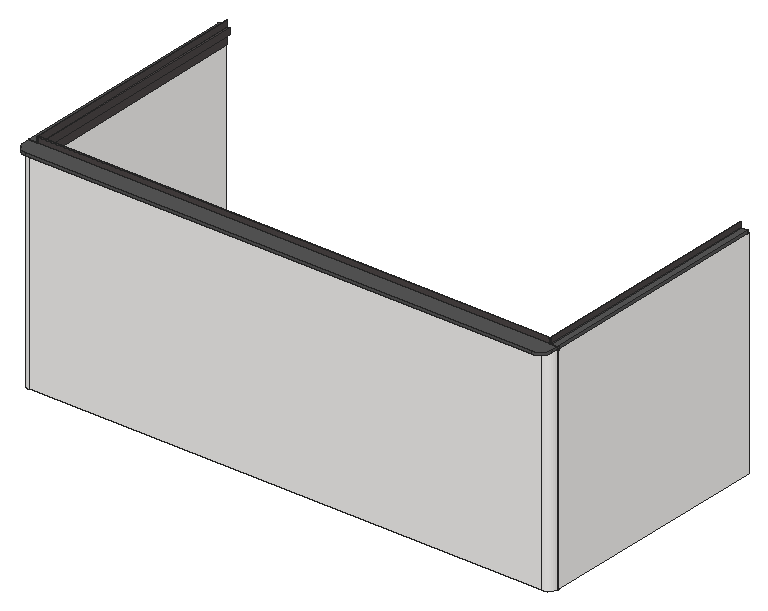
Revit family "vanity unit with 1 drawers for consoles with countertop basin ground", category Furniture, Revit 2019 (continued)
Definition of nested family "vanity unit 780_550 with 1 drawer for consoles with countertop basin ground-54054700-high gloss white-matt_white-400_con"
  Forms (mm)
    Extrusion 4, solid, visible <- "ContentVisible", detail levels medium+fine
      sketch origin (0, 0, 0) x (1, 0, 0) y (0, 1, 0)
        loop
          line (-374, -117) -> (-374, -133) -> (374, -133) -> (374, -117) -> (-374, -117)
      from 0 to 126
    Extrusion 5, solid, visible <- "ContentVisible", detail levels medium+fine
      sketch origin (0, 0, 2) x (1, 0, 0) y (0, 1, 0)
        loop
          arc (-390, -532) -> (-384.435, -545.435) -> (-371, -551) r 19
          line (-371, -551) -> (371, -551)
          arc (371, -551) -> (384.435, -545.435) -> (390, -532) r 19
          line (390, -532) -> (390, -530) -> (-390, -530) -> (-390, -532)
      from 0 to 478
    Extrusion 6, solid, visible <- "ContentVisible", detail levels medium+fine
      sketch origin (0, 0, 480) x (1, 0, 0) y (0, 1, 0)
        loop
          line (-388.5, -530) -> (-388.5, -546)
          arc (-388.5, -546) -> (-381.178, -563.678) -> (-363.5, -571) r 25
          line (-363.5, -571) -> (363.5, -571)
          arc (363.5, -571) -> (381.178, -563.678) -> (388.5, -546) r 25
          line (388.5, -546) -> (388.5, -530) -> (368.5, -530) -> (368.5, -528.5) -> (-368.5, -528.5) -> (-368.5, -530) -> (-388.5, -530)
      from 0 to 5
    Extrusion 7, solid, visible <- "ContentVisible", detail levels medium+fine
      sketch origin (0, 0, 0) x (0, 0, -1) y (0, 1, 0)
        loop
          line (-480, -528.5) -> (-480, -530) -> (-450, -530) -> (-450, -528.5) -> (-480, -528.5)
      from -368.5 to 368.5
    Extrusion 8, solid, visible <- "ContentVisible", detail levels medium+fine
      sketch origin (0, 0, 0) x (1, 0, 0) y (0, 0, -1)
        loop
          line (-374, -447) -> (-374, -485) -> (-372.5, -485) -> (-372.5, -447) -> (-374, -447)
      from -530 to 0
    Extrusion 9, solid, visible <- "ContentVisible", detail levels medium+fine
      sketch origin (0, 0, 0) x (1, 0, 0) y (0, 0, -1)
        loop
          line (372.5, -446.8) -> (372.5, -485) -> (374, -485) -> (374, -446.8) -> (372.5, -446.8)
      from -530 to 0
    Extrusion 10, solid, visible <- "ContentVisible", detail levels medium+fine
      sketch origin (0, 0, 480) x (1, 0, 0) y (0, 1, 0)
        loop
          line (-390, -3) -> (-390, -527)
          arc (-390, -527) -> (-389.121, -529.121) -> (-387, -530) r 3
          line (-387, -530) -> (-374, -530) -> (-374, 0) -> (-387, 0)
          arc (-387, 0) -> (-389.121, -0.879) -> (-390, -3) r 3
      from 0 to 5
    Extrusion 11, solid, visible <- "ContentVisible", detail levels medium+fine
      sketch origin (0, 0, 480) x (1, 0, 0) y (0, 1, 0)
        loop
          line (374, 0) -> (374, -530) -> (387, -530)
          arc (387, -530) -> (389.121, -529.121) -> (390, -527) r 3
          line (390, -527) -> (390, -3)
          arc (390, -3) -> (389.121, -0.879) -> (387, 0) r 3
          line (387, 0) -> (374, 0)
      from 0 to 5
    Extrusion 12, solid, visible <- "ContentVisible", detail levels medium+fine
      sketch origin (0, 0, 0) x (1, 0, 0) y (0, 0, -1)
        loop
          line (-372.5, -447) -> (-372.5, -496) -> (-371, -496) -> (-371, -483) -> (-366.4, -483) -> (-366.4, -468.5) -> (-371, -468.5) -> (-371, -447) -> (-372.5, -447)
      from -528.5 to 0
    Extrusion 13, solid, visible <- "ContentVisible", detail levels medium+fine
      sketch origin (0, 0, 0) x (1, 0, 0) y (0, 0, -1)
        loop
          line (366.4, -468.5) -> (366.4, -483) -> (371, -483) -> (371, -496) -> (372.5, -496) -> (372.5, -447) -> (371, -447) -> (371, -468.5) -> (366.4, -468.5)
      from -528.5 to 0
    Extrusion 14, solid, visible <- "ContentVisible", detail levels medium+fine
      sketch origin (0, 0, 0) x (0, 0, -1) y (0, 1, 0)
        loop
          line (-496, -528.5) -> (-447, -528.5) -> (-447, -527) -> (-468.5, -527) -> (-468.5, -522.4) -> (-483, -522.4) -> (-483, -527) -> (-496, -527) -> (-496, -528.5)
      from -372.5 to 372.5
    Extrusion 15, solid, visible <- "ContentVisible", detail levels medium+fine
      sketch origin (0, 0, 0) x (0, 0, -1) y (0, 1, 0)
        loop
          line (-440, -477) -> (-440, -493) -> (-366, -493) -> (-366, -477) -> (-440, -477)
      from -374 to 374
    Extrusion 16, solid, visible <- "ContentVisible", detail levels coarse
      sketch origin (0, -285.5, 0) x (1, 0, 0) y (0, 1, 0)
        loop
          line (-390, -285.5) -> (390, -285.5) -> (390, 285.5) -> (-390, 285.5) -> (-390, -285.5)
      from 0 to 496
  Dimensions and locks
    aligned and locked: level to plane 2
Definition of nested family "vanity unit 780_550 with 1 drawer for consoles with countertop basin ground-54055000-diamond matt grey-chrome-200_conten"
  Parameters (values of type "Vanity unit 780_550 with 1 drawer for consoles with countertop basin ground-54055000-Diamond Matt Grey-CHROME-200_Conten")
    etim7_EC011381 = "EC011381"
    WEIGHT = "25.7"
    UNSPSC = "56 | Furniture and Furnishings"
    UNIFORMATII = "E2010 | Fixed Furnishings"
    UNICLASS_2015_CODE = "40_30_78_05"
    UNICLASS2015 = "Pr_40_30_78_05 | Bathroom furniture"
    SURFACE = "CHROME"
    REGIONSET = "Worldwide"
    PRODUCTURL = "https://pro.hansgrohe.com/articledetail--54055000"
    PRODUCTGROUP = "vanity unit"
    PRODUCTFAMILY = "Xelu Q"
    PERMALINK = "54055XXX"
    OMNICLASS = "23-21 19 15 33 13 | Residential Bathroom Specialty Casework"
    OBJECTTYPE = "Object (single object)"
    OBERFLAECHE = "Diamond Matt Grey"
    NN = "Vanity Unit with 1 Drawers for consoles with countertop basin ground"
    NBSYN = "$BASENUMBER.-$ARTNR.-$OBERFLAECHE.-$SURFACE.-$LODLEVEL."
    NB = "Vanity unit 780/550 with 1 drawer for consoles with countertop basin ground-54055000-Diamond Matt Grey-CHROME-200"
    NAME = "Xelu Q Vanity unit Diamond Matt Grey 780/550 with 1 drawer for consoles with countertop basin ground"
    Model = "Vanity unit 780/550 with 1 drawer for consoles with countertop basin ground-54055000-Diamond Matt Grey-CHROME-200"
    Manufacturer = "Hansgrohe"
    MASTERFORMAT = "12 35 30.23 | Bathroom Casework"
    LODLEVEL = "200"
    LINA = "Vanity unit 780/550 with 1 drawer for consoles with countertop basin ground-54055000-Diamond Matt Grey-CHROME-200"
    L = 780
    IFC = "Furnishing element"
    GTINCODE = "4059625455906"
    ETIM = "EC011381 | Bathroom furniture set"
    Default Elevation = 1219.2 mm
    DESIGN = "Germany"
    ContentVisible [instance] = yes
    CATALOG = "Hansgrohe"
    BIMOBJECT = "Sanitary: Compound units"
    BASENUMBER = "Vanity unit 780/550 with 1 drawer for consoles with countertop basin ground"
    ARTNR = "54055000"
  Reference planes
    plane 1 "Center (Front/Back)": y = 0
    plane 2: z = 0
    plane 3 "Center (Left/Right)": x = 0
  Forms (mm)
    Extrusion 1, solid, visible <- "ContentVisible", detail levels medium+fine
      sketch origin (0, 0, 0) x (1, 0, 0) y (0, 1, 0)
        loop
          line (-390, 0) -> (-390, -551) -> (390, -551) -> (390, 0) -> (374, 0) -> (374, -117) -> (-374, -117) -> (-374, 0) -> (-390, 0)
      from 0 to 480
    Extrusion 2, solid, visible <- "ContentVisible", detail levels medium+fine
      sketch origin (0, 0, 480) x (1, 0, 0) y (0, 1, 0)
        loop
          line (-388.5, -528.5) -> (-388.5, -571) -> (388.5, -571) -> (388.5, -528.5) -> (-388.5, -528.5)
      from 0 to 5
    Extrusion 3, solid, visible <- "ContentVisible", detail levels medium+fine
      sketch origin (0, 0, 0) x (1, 0, 0) y (0, 0, -1)
        loop
          line (-374, -447) -> (-374, -485) -> (-372.5, -485) -> (-372.5, -447) -> (-374, -447)
      from -530 to 0
    Extrusion 4, solid, visible <- "ContentVisible", detail levels medium+fine
      sketch origin (0, 0, 0) x (1, 0, 0) y (0, 0, -1)
        loop
          line (372.5, -446.8) -> (372.5, -485) -> (374, -485) -> (374, -446.8) -> (372.5, -446.8)
      from -530 to 0
    Extrusion 5, solid, visible <- "ContentVisible", detail levels medium+fine
      sketch origin (0, 0, 480) x (1, 0, 0) y (0, 1, 0)
        loop
          line (-390, 0) -> (-390, -530) -> (-374, -530) -> (-374, 0) -> (-390, 0)
      from 0 to 5
    Extrusion 6, solid, visible <- "ContentVisible", detail levels medium+fine
      sketch origin (0, 0, 480) x (1, 0, 0) y (0, 1, 0)
        loop
          line (374, 0) -> (374, -530) -> (390, -530) -> (390, 0) -> (374, 0)
      from 0 to 5
    Extrusion 7, solid, visible <- "ContentVisible", detail levels medium+fine
      sketch origin (0, 0, 0) x (1, 0, 0) y (0, 0, -1)
        loop
          line (-372.5, -447) -> (-372.5, -496) -> (-366.4, -496) -> (-366.4, -447) -> (-372.5, -447)
      from -528.5 to 0
    Extrusion 8, solid, visible <- "ContentVisible", detail levels medium+fine
      sketch origin (0, 0, 0) x (1, 0, 0) y (0, 0, -1)
        loop
          line (366.4, -447) -> (366.4, -496) -> (372.5, -496) -> (372.5, -447) -> (366.4, -447)
      from -528.5 to 0
    Extrusion 9, solid, visible <- "ContentVisible", detail levels medium+fine
      sketch origin (0, 0, 0) x (0, 0, -1) y (0, 1, 0)
        loop
          line (-496, -528.5) -> (-447, -528.5) -> (-447, -522.4) -> (-496, -522.4) -> (-496, -528.5)
      from -372.5 to 372.5
    Extrusion 10, solid, visible <- "ContentVisible", detail levels coarse
      sketch origin (0, -285.5, 0) x (1, 0, 0) y (0, 1, 0)
        loop
          line (-390, -285.5) -> (390, -285.5) -> (390, 285.5) -> (-390, 285.5) -> (-390, -285.5)
      from 0 to 496
  Dimensions and locks
    aligned and locked: level to plane 2
Definition of nested family "vanity unit 780_550 with 1 drawer for consoles with countertop basin ground-54055000-diamond matt grey-chrome-400_conten"
  Parameters (values of type "Vanity unit 780_550 with 1 drawer for consoles with countertop basin ground-54055000-Diamond Matt Grey-CHROME-400_Conten")
    etim7_EC011381 = "EC011381"
    WEIGHT = "25.7"
    UNSPSC = "56 | Furniture and Furnishings"
    UNIFORMATII = "E2010 | Fixed Furnishings"
    UNICLASS_2015_CODE = "40_30_78_05"
    UNICLASS2015 = "Pr_40_30_78_05 | Bathroom furniture"
    SURFACE = "CHROME"
    REGIONSET = "Worldwide"
    PRODUCTURL = "https://pro.hansgrohe.com/articledetail--54055000"
    PRODUCTGROUP = "vanity unit"
    PRODUCTFAMILY = "Xelu Q"
    PERMALINK = "54055XXX"
    OMNICLASS = "23-21 19 15 33 13 | Residential Bathroom Specialty Casework"
    OBJECTTYPE = "Object (single object)"
    OBERFLAECHE = "Diamond Matt Grey"
    NN = "Vanity Unit with 1 Drawers for consoles with countertop basin ground"
    NBSYN = "$BASENUMBER.-$ARTNR.-$OBERFLAECHE.-$SURFACE.-$LODLEVEL."
    NB = "Vanity unit 780/550 with 1 drawer for consoles with countertop basin ground-54055000-Diamond Matt Grey-CHROME-400"
    NAME = "Xelu Q Vanity unit Diamond Matt Grey 780/550 with 1 drawer for consoles with countertop basin ground"
    Model = "Vanity unit 780/550 with 1 drawer for consoles with countertop basin ground-54055000-Diamond Matt Grey-CHROME-400"
    Manufacturer = "Hansgrohe"
    MASTERFORMAT = "12 35 30.23 | Bathroom Casework"
    LODLEVEL = "400"
    LINA = "Vanity unit 780/550 with 1 drawer for consoles with countertop basin ground-54055000-Diamond Matt Grey-CHROME-400"
    L = 780
    IFC = "Furnishing element"
    GTINCODE = "4059625455906"
    ETIM = "EC011381 | Bathroom furniture set"
    Default Elevation = 1219.2 mm
    DESIGN = "Germany"
    ContentVisible [instance] = yes
    CATALOG = "Hansgrohe"
    BIMOBJECT = "Sanitary: Compound units"
    BASENUMBER = "Vanity unit 780/550 with 1 drawer for consoles with countertop basin ground"
    ARTNR = "54055000"
  Reference planes
    plane 1 "Center (Front/Back)": y = 0
    plane 2: z = 0
    plane 3 "Center (Left/Right)": x = 0
  Forms (mm)
    Extrusion 1, solid, visible <- "ContentVisible", detail levels medium+fine
      sketch origin (0, 0, 0) x (1, 0, 0) y (0, 1, 0)
        loop
          line (-390, 0) -> (-390, -527)
          arc (-390, -527) -> (-389.121, -529.121) -> (-387, -530) r 3
          line (-387, -530) -> (-374, -530) -> (-374, 0) -> (-390, 0)
      from 0 to 480
    Extrusion 2, solid, visible <- "ContentVisible", detail levels medium+fine
      sketch origin (0, 0, 0) x (1, 0, 0) y (0, 1, 0)
        loop
          line (-374, -133) -> (-374, -499.5) -> (374, -499.5) -> (374, -133) -> (-374, -133)
      from 0 to 16
    Extrusion 3, solid, visible <- "ContentVisible", detail levels medium+fine
      sketch origin (0, 0, 0) x (1, 0, 0) y (0, 1, 0)
        loop
          line (374, 0) -> (374, -530) -> (387, -530)
          arc (387, -530) -> (389.121, -529.121) -> (390, -527) r 3
          line (390, -527) -> (390, 0) -> (374, 0)
      from 0 to 480
    Extrusion 4, solid, visible <- "ContentVisible", detail levels medium+fine
      sketch origin (0, 0, 0) x (1, 0, 0) y (0, 1, 0)
        loop
          line (-374, -117) -> (-374, -133) -> (374, -133) -> (374, -117) -> (-374, -117)
      from 0 to 126
    Extrusion 5, solid, visible <- "ContentVisible", detail levels medium+fine
      sketch origin (0, 0, 2) x (1, 0, 0) y (0, 1, 0)
        loop
          arc (-390, -532) -> (-384.435, -545.435) -> (-371, -551) r 19
          line (-371, -551) -> (371, -551)
          arc (371, -551) -> (384.435, -545.435) -> (390, -532) r 19
          line (390, -532) -> (390, -530) -> (-390, -530) -> (-390, -532)
      from 0 to 478
    Extrusion 6, solid, visible <- "ContentVisible", detail levels medium+fine
      sketch origin (0, 0, 480) x (1, 0, 0) y (0, 1, 0)
        loop
          line (-388.5, -530) -> (-388.5, -546)
          arc (-388.5, -546) -> (-381.178, -563.678) -> (-363.5, -571) r 25
          line (-363.5, -571) -> (363.5, -571)
          arc (363.5, -571) -> (381.178, -563.678) -> (388.5, -546) r 25
          line (388.5, -546) -> (388.5, -530) -> (368.5, -530) -> (368.5, -528.5) -> (-368.5, -528.5) -> (-368.5, -530) -> (-388.5, -530)
      from 0 to 5
    Extrusion 7, solid, visible <- "ContentVisible", detail levels medium+fine
      sketch origin (0, 0, 0) x (0, 0, -1) y (0, 1, 0)
        loop
          line (-480, -528.5) -> (-480, -530) -> (-450, -530) -> (-450, -528.5) -> (-480, -528.5)
      from -368.5 to 368.5
    Extrusion 8, solid, visible <- "ContentVisible", detail levels medium+fine
      sketch origin (0, 0, 0) x (1, 0, 0) y (0, 0, -1)
        loop
          line (-374, -447) -> (-374, -485) -> (-372.5, -485) -> (-372.5, -447) -> (-374, -447)
      from -530 to 0
    Extrusion 9, solid, visible <- "ContentVisible", detail levels medium+fine
      sketch origin (0, 0, 0) x (1, 0, 0) y (0, 0, -1)
        loop
          line (372.5, -446.8) -> (372.5, -485) -> (374, -485) -> (374, -446.8) -> (372.5, -446.8)
      from -530 to 0
    Extrusion 10, solid, visible <- "ContentVisible", detail levels medium+fine
      sketch origin (0, 0, 480) x (1, 0, 0) y (0, 1, 0)
        loop
          line (-390, -3) -> (-390, -527)
          arc (-390, -527) -> (-389.121, -529.121) -> (-387, -530) r 3
          line (-387, -530) -> (-374, -530) -> (-374, 0) -> (-387, 0)
          arc (-387, 0) -> (-389.121, -0.879) -> (-390, -3) r 3
      from 0 to 5
    Extrusion 11, solid, visible <- "ContentVisible", detail levels medium+fine
      sketch origin (0, 0, 480) x (1, 0, 0) y (0, 1, 0)
        loop
          line (374, 0) -> (374, -530) -> (387, -530)
          arc (387, -530) -> (389.121, -529.121) -> (390, -527) r 3
          line (390, -527) -> (390, -3)
          arc (390, -3) -> (389.121, -0.879) -> (387, 0) r 3
          line (387, 0) -> (374, 0)
      from 0 to 5
    Extrusion 12, solid, visible <- "ContentVisible", detail levels medium+fine
      sketch origin (0, 0, 0) x (1, 0, 0) y (0, 0, -1)
        loop
          line (-372.5, -447) -> (-372.5, -496) -> (-371, -496) -> (-371, -483) -> (-366.4, -483) -> (-366.4, -468.5) -> (-371, -468.5) -> (-371, -447) -> (-372.5, -447)
      from -528.5 to 0
    Extrusion 13, solid, visible <- "ContentVisible", detail levels medium+fine
      sketch origin (0, 0, 0) x (1, 0, 0) y (0, 0, -1)
        loop
          line (366.4, -468.5) -> (366.4, -483) -> (371, -483) -> (371, -496) -> (372.5, -496) -> (372.5, -447) -> (371, -447) -> (371, -468.5) -> (366.4, -468.5)
      from -528.5 to 0
    Extrusion 14, solid, visible <- "ContentVisible", detail levels medium+fine
      sketch origin (0, 0, 0) x (0, 0, -1) y (0, 1, 0)
        loop
          line (-496, -528.5) -> (-447, -528.5) -> (-447, -527) -> (-468.5, -527) -> (-468.5, -522.4) -> (-483, -522.4) -> (-483, -527) -> (-496, -527) -> (-496, -528.5)
      from -372.5 to 372.5
    Extrusion 15, solid, visible <- "ContentVisible", detail levels medium+fine
      sketch origin (0, 0, 0) x (0, 0, -1) y (0, 1, 0)
        loop
          line (-440, -477) -> (-440, -493) -> (-366, -493) -> (-366, -477) -> (-440, -477)
      from -374 to 374
    Extrusion 16, solid, visible <- "ContentVisible", detail levels coarse
      sketch origin (0, -285.5, 0) x (1, 0, 0) y (0, 1, 0)
        loop
          line (-390, -285.5) -> (390, -285.5) -> (390, 285.5) -> (-390, 285.5) -> (-390, -285.5)
      from 0 to 496
  Dimensions and locks
    aligned and locked: level to plane 2
Definition of nested family "vanity unit 780_550 with 1 drawer for consoles with countertop basin ground-54055670-diamond matt grey-matt_black-200_co"
  Parameters (values of type "Vanity unit 780_550 with 1 drawer for consoles with countertop basin ground-54055670-Diamond Matt Grey-MATT_BLACK-200_Co")
    etim7_EC011381 = "EC011381"
    WEIGHT = "25.7"
    UNSPSC = "56 | Furniture and Furnishings"
    UNIFORMATII = "E2010 | Fixed Furnishings"
    UNICLASS_2015_CODE = "40_30_78_05"
    UNICLASS2015 = "Pr_40_30_78_05 | Bathroom furniture"
    SURFACE = "MATT_BLACK"
    REGIONSET = "Worldwide"
    PRODUCTURL = "https://pro.hansgrohe.com/articledetail--54055000"
    PRODUCTGROUP = "vanity unit"
    PRODUCTFAMILY = "Xelu Q"
    PERMALINK = "54055XXX"
    OMNICLASS = "23-21 19 15 33 13 | Residential Bathroom Specialty Casework"
    OBJECTTYPE = "Object (single object)"
    OBERFLAECHE = "Diamond Matt Grey"
    NN = "Vanity Unit with 1 Drawers for consoles with countertop basin ground"
    NBSYN = "$BASENUMBER.-$ARTNR.-$OBERFLAECHE.-$SURFACE.-$LODLEVEL."
    NB = "Vanity unit 780/550 with 1 drawer for consoles with countertop basin ground-54055670-Diamond Matt Grey-MATT_BLACK-200"
    NAME = "Xelu Q Vanity unit Diamond Matt Grey 780/550 with 1 drawer for consoles with countertop basin ground"
    Model = "Vanity unit 780/550 with 1 drawer for consoles with countertop basin ground-54055670-Diamond Matt Grey-MATT_BLACK-200"
    Manufacturer = "Hansgrohe"
    MASTERFORMAT = "12 35 30.23 | Bathroom Casework"
    LODLEVEL = "200"
    LINA = "Vanity unit 780/550 with 1 drawer for consoles with countertop basin ground-54055670-Diamond Matt Grey-MATT_BLACK-200"
    L = 780
    IFC = "Furnishing element"
    GTINCODE = "4059625455906"
    ETIM = "EC011381 | Bathroom furniture set"
    Default Elevation = 1219.2 mm
    DESIGN = "Germany"
    ContentVisible [instance] = yes
    CATALOG = "Hansgrohe"
    BIMOBJECT = "Sanitary: Compound units"
    BASENUMBER = "Vanity unit 780/550 with 1 drawer for consoles with countertop basin ground"
    ARTNR = "54055670"
  Reference planes
    plane 1 "Center (Front/Back)": y = 0
    plane 2: z = 0
    plane 3 "Center (Left/Right)": x = 0
  Forms (mm)
    Extrusion 1, solid, visible <- "ContentVisible", detail levels medium+fine
      sketch origin (0, 0, 0) x (1, 0, 0) y (0, 1, 0)
        loop
          line (-390, 0) -> (-390, -551) -> (390, -551) -> (390, 0) -> (374, 0) -> (374, -117) -> (-374, -117) -> (-374, 0) -> (-390, 0)
      from 0 to 480
    Extrusion 2, solid, visible <- "ContentVisible", detail levels medium+fine
      sketch origin (0, 0, 480) x (1, 0, 0) y (0, 1, 0)
        loop
          line (-388.5, -528.5) -> (-388.5, -571) -> (388.5, -571) -> (388.5, -528.5) -> (-388.5, -528.5)
      from 0 to 5
    Extrusion 3, solid, visible <- "ContentVisible", detail levels medium+fine
      sketch origin (0, 0, 0) x (1, 0, 0) y (0, 0, -1)
        loop
          line (-374, -447) -> (-374, -485) -> (-372.5, -485) -> (-372.5, -447) -> (-374, -447)
      from -530 to 0
    Extrusion 4, solid, visible <- "ContentVisible", detail levels medium+fine
      sketch origin (0, 0, 0) x (1, 0, 0) y (0, 0, -1)
        loop
          line (372.5, -446.8) -> (372.5, -485) -> (374, -485) -> (374, -446.8) -> (372.5, -446.8)
      from -530 to 0
    Extrusion 5, solid, visible <- "ContentVisible", detail levels medium+fine
      sketch origin (0, 0, 480) x (1, 0, 0) y (0, 1, 0)
        loop
          line (-390, 0) -> (-390, -530) -> (-374, -530) -> (-374, 0) -> (-390, 0)
      from 0 to 5
    Extrusion 6, solid, visible <- "ContentVisible", detail levels medium+fine
      sketch origin (0, 0, 480) x (1, 0, 0) y (0, 1, 0)
        loop
          line (374, 0) -> (374, -530) -> (390, -530) -> (390, 0) -> (374, 0)
      from 0 to 5
    Extrusion 7, solid, visible <- "ContentVisible", detail levels medium+fine
      sketch origin (0, 0, 0) x (1, 0, 0) y (0, 0, -1)
        loop
          line (-372.5, -447) -> (-372.5, -496) -> (-366.4, -496) -> (-366.4, -447) -> (-372.5, -447)
      from -528.5 to 0
    Extrusion 8, solid, visible <- "ContentVisible", detail levels medium+fine
      sketch origin (0, 0, 0) x (1, 0, 0) y (0, 0, -1)
        loop
          line (366.4, -447) -> (366.4, -496) -> (372.5, -496) -> (372.5, -447) -> (366.4, -447)
      from -528.5 to 0
    Extrusion 9, solid, visible <- "ContentVisible", detail levels medium+fine
      sketch origin (0, 0, 0) x (0, 0, -1) y (0, 1, 0)
        loop
          line (-496, -528.5) -> (-447, -528.5) -> (-447, -522.4) -> (-496, -522.4) -> (-496, -528.5)
      from -372.5 to 372.5
    Extrusion 10, solid, visible <- "ContentVisible", detail levels coarse
      sketch origin (0, -285.5, 0) x (1, 0, 0) y (0, 1, 0)
        loop
          line (-390, -285.5) -> (390, -285.5) -> (390, 285.5) -> (-390, 285.5) -> (-390, -285.5)
      from 0 to 496
  Dimensions and locks
    aligned and locked: level to plane 2
Definition of nested family "vanity unit 780_550 with 1 drawer for consoles with countertop basin ground-54055670-diamond matt grey-matt_black-400_co"
  Parameters (values of type "Vanity unit 780_550 with 1 drawer for consoles with countertop basin ground-54055670-Diamond Matt Grey-MATT_BLACK-400_Co")
    etim7_EC011381 = "EC011381"
    WEIGHT = "25.7"
    UNSPSC = "56 | Furniture and Furnishings"
    UNIFORMATII = "E2010 | Fixed Furnishings"
    UNICLASS_2015_CODE = "40_30_78_05"
    UNICLASS2015 = "Pr_40_30_78_05 | Bathroom furniture"
    SURFACE = "MATT_BLACK"
    REGIONSET = "Worldwide"
    PRODUCTURL = "https://pro.hansgrohe.com/articledetail--54055000"
    PRODUCTGROUP = "vanity unit"
    PRODUCTFAMILY = "Xelu Q"
    PERMALINK = "54055XXX"
    OMNICLASS = "23-21 19 15 33 13 | Residential Bathroom Specialty Casework"
    OBJECTTYPE = "Object (single object)"
    OBERFLAECHE = "Diamond Matt Grey"
    NN = "Vanity Unit with 1 Drawers for consoles with countertop basin ground"
    NBSYN = "$BASENUMBER.-$ARTNR.-$OBERFLAECHE.-$SURFACE.-$LODLEVEL."
    NB = "Vanity unit 780/550 with 1 drawer for consoles with countertop basin ground-54055670-Diamond Matt Grey-MATT_BLACK-400"
    NAME = "Xelu Q Vanity unit Diamond Matt Grey 780/550 with 1 drawer for consoles with countertop basin ground"
    Model = "Vanity unit 780/550 with 1 drawer for consoles with countertop basin ground-54055670-Diamond Matt Grey-MATT_BLACK-400"
    Manufacturer = "Hansgrohe"
    MASTERFORMAT = "12 35 30.23 | Bathroom Casework"
    LODLEVEL = "400"
    LINA = "Vanity unit 780/550 with 1 drawer for consoles with countertop basin ground-54055670-Diamond Matt Grey-MATT_BLACK-400"
    L = 780
    IFC = "Furnishing element"
    GTINCODE = "4059625455906"
    ETIM = "EC011381 | Bathroom furniture set"
    Default Elevation = 1219.2 mm
    DESIGN = "Germany"
    ContentVisible [instance] = yes
    CATALOG = "Hansgrohe"
    BIMOBJECT = "Sanitary: Compound units"
    BASENUMBER = "Vanity unit 780/550 with 1 drawer for consoles with countertop basin ground"
    ARTNR = "54055670"
  Reference planes
    plane 1 "Center (Front/Back)": y = 0
    plane 2: z = 0
    plane 3 "Center (Left/Right)": x = 0
  Forms (mm)
    Extrusion 1, solid, visible <- "ContentVisible", detail levels medium+fine
      sketch origin (0, 0, 0) x (1, 0, 0) y (0, 1, 0)
        loop
          line (-390, 0) -> (-390, -527)
          arc (-390, -527) -> (-389.121, -529.121) -> (-387, -530) r 3
          line (-387, -530) -> (-374, -530) -> (-374, 0) -> (-390, 0)
      from 0 to 480
    Extrusion 2, solid, visible <- "ContentVisible", detail levels medium+fine
      sketch origin (0, 0, 0) x (1, 0, 0) y (0, 1, 0)
        loop
          line (-374, -133) -> (-374, -499.5) -> (374, -499.5) -> (374, -133) -> (-374, -133)
      from 0 to 16
    Extrusion 3, solid, visible <- "ContentVisible", detail levels medium+fine
      sketch origin (0, 0, 0) x (1, 0, 0) y (0, 1, 0)
        loop
          line (374, 0) -> (374, -530) -> (387, -530)
          arc (387, -530) -> (389.121, -529.121) -> (390, -527) r 3
          line (390, -527) -> (390, 0) -> (374, 0)
      from 0 to 480
    Extrusion 4, solid, visible <- "ContentVisible", detail levels medium+fine
      sketch origin (0, 0, 0) x (1, 0, 0) y (0, 1, 0)
        loop
          line (-374, -117) -> (-374, -133) -> (374, -133) -> (374, -117) -> (-374, -117)
      from 0 to 126
    Extrusion 5, solid, visible <- "ContentVisible", detail levels medium+fine
      sketch origin (0, 0, 2) x (1, 0, 0) y (0, 1, 0)
        loop
          arc (-390, -532) -> (-384.435, -545.435) -> (-371, -551) r 19
          line (-371, -551) -> (371, -551)
          arc (371, -551) -> (384.435, -545.435) -> (390, -532) r 19
          line (390, -532) -> (390, -530) -> (-390, -530) -> (-390, -532)
      from 0 to 478
    Extrusion 6, solid, visible <- "ContentVisible", detail levels medium+fine
      sketch origin (0, 0, 480) x (1, 0, 0) y (0, 1, 0)
        loop
          line (-388.5, -530) -> (-388.5, -546)
          arc (-388.5, -546) -> (-381.178, -563.678) -> (-363.5, -571) r 25
          line (-363.5, -571) -> (363.5, -571)
          arc (363.5, -571) -> (381.178, -563.678) -> (388.5, -546) r 25
          line (388.5, -546) -> (388.5, -530) -> (368.5, -530) -> (368.5, -528.5) -> (-368.5, -528.5) -> (-368.5, -530) -> (-388.5, -530)
      from 0 to 5
    Extrusion 7, solid, visible <- "ContentVisible", detail levels medium+fine
      sketch origin (0, 0, 0) x (0, 0, -1) y (0, 1, 0)
        loop
          line (-480, -528.5) -> (-480, -530) -> (-450, -530) -> (-450, -528.5) -> (-480, -528.5)
      from -368.5 to 368.5
    Extrusion 8, solid, visible <- "ContentVisible", detail levels medium+fine
      sketch origin (0, 0, 0) x (1, 0, 0) y (0, 0, -1)
        loop
          line (-374, -447) -> (-374, -485) -> (-372.5, -485) -> (-372.5, -447) -> (-374, -447)
      from -530 to 0
    Extrusion 9, solid, visible <- "ContentVisible", detail levels medium+fine
      sketch origin (0, 0, 0) x (1, 0, 0) y (0, 0, -1)
        loop
          line (372.5, -446.8) -> (372.5, -485) -> (374, -485) -> (374, -446.8) -> (372.5, -446.8)
      from -530 to 0
    Extrusion 10, solid, visible <- "ContentVisible", detail levels medium+fine
      sketch origin (0, 0, 480) x (1, 0, 0) y (0, 1, 0)
        loop
          line (-390, -3) -> (-390, -527)
          arc (-390, -527) -> (-389.121, -529.121) -> (-387, -530) r 3
          line (-387, -530) -> (-374, -530) -> (-374, 0) -> (-387, 0)
          arc (-387, 0) -> (-389.121, -0.879) -> (-390, -3) r 3
      from 0 to 5
    Extrusion 11, solid, visible <- "ContentVisible", detail levels medium+fine
      sketch origin (0, 0, 480) x (1, 0, 0) y (0, 1, 0)
        loop
          line (374, 0) -> (374, -530) -> (387, -530)
          arc (387, -530) -> (389.121, -529.121) -> (390, -527) r 3
          line (390, -527) -> (390, -3)
          arc (390, -3) -> (389.121, -0.879) -> (387, 0) r 3
          line (387, 0) -> (374, 0)
      from 0 to 5
    Extrusion 12, solid, visible <- "ContentVisible", detail levels medium+fine
      sketch origin (0, 0, 0) x (1, 0, 0) y (0, 0, -1)
        loop
          line (-372.5, -447) -> (-372.5, -496) -> (-371, -496) -> (-371, -483) -> (-366.4, -483) -> (-366.4, -468.5) -> (-371, -468.5) -> (-371, -447) -> (-372.5, -447)
      from -528.5 to 0
    Extrusion 13, solid, visible <- "ContentVisible", detail levels medium+fine
      sketch origin (0, 0, 0) x (1, 0, 0) y (0, 0, -1)
        loop
          line (366.4, -468.5) -> (366.4, -483) -> (371, -483) -> (371, -496) -> (372.5, -496) -> (372.5, -447) -> (371, -447) -> (371, -468.5) -> (366.4, -468.5)
      from -528.5 to 0
    Extrusion 14, solid, visible <- "ContentVisible", detail levels medium+fine
      sketch origin (0, 0, 0) x (0, 0, -1) y (0, 1, 0)
        loop
          line (-496, -528.5) -> (-447, -528.5) -> (-447, -527) -> (-468.5, -527) -> (-468.5, -522.4) -> (-483, -522.4) -> (-483, -527) -> (-496, -527) -> (-496, -528.5)
      from -372.5 to 372.5
    Extrusion 15, solid, visible <- "ContentVisible", detail levels medium+fine
      sketch origin (0, 0, 0) x (0, 0, -1) y (0, 1, 0)
        loop
          line (-440, -477) -> (-440, -493) -> (-366, -493) -> (-366, -477) -> (-440, -477)
      from -374 to 374
    Extrusion 16, solid, visible <- "ContentVisible", detail levels coarse
      sketch origin (0, -285.5, 0) x (1, 0, 0) y (0, 1, 0)
        loop
          line (-390, -285.5) -> (390, -285.5) -> (390, 285.5) -> (-390, 285.5) -> (-390, -285.5)
      from 0 to 496
  Dimensions and locks
    aligned and locked: level to plane 2
Definition of nested family "vanity unit 780_550 with 1 drawer for consoles with countertop basin ground-54055700-diamond matt grey-matt_white-200_co"
  Parameters (values of type "Vanity unit 780_550 with 1 drawer for consoles with countertop basin ground-54055700-Diamond Matt Grey-MATT_WHITE-200_Co")
    etim7_EC011381 = "EC011381"
    WEIGHT = "25.7"
    UNSPSC = "56 | Furniture and Furnishings"
    UNIFORMATII = "E2010 | Fixed Furnishings"
    UNICLASS_2015_CODE = "40_30_78_05"
    UNICLASS2015 = "Pr_40_30_78_05 | Bathroom furniture"
    SURFACE = "MATT_WHITE"
    REGIONSET = "Worldwide"
    PRODUCTURL = "https://pro.hansgrohe.com/articledetail--54055000"
    PRODUCTGROUP = "vanity unit"
    PRODUCTFAMILY = "Xelu Q"
    PERMALINK = "54055XXX"
    OMNICLASS = "23-21 19 15 33 13 | Residential Bathroom Specialty Casework"
    OBJECTTYPE = "Object (single object)"
    OBERFLAECHE = "Diamond Matt Grey"
    NN = "Vanity Unit with 1 Drawers for consoles with countertop basin ground"
    NBSYN = "$BASENUMBER.-$ARTNR.-$OBERFLAECHE.-$SURFACE.-$LODLEVEL."
    NB = "Vanity unit 780/550 with 1 drawer for consoles with countertop basin ground-54055700-Diamond Matt Grey-MATT_WHITE-200"
    NAME = "Xelu Q Vanity unit Diamond Matt Grey 780/550 with 1 drawer for consoles with countertop basin ground"
    Model = "Vanity unit 780/550 with 1 drawer for consoles with countertop basin ground-54055700-Diamond Matt Grey-MATT_WHITE-200"
    Manufacturer = "Hansgrohe"
    MASTERFORMAT = "12 35 30.23 | Bathroom Casework"
    LODLEVEL = "200"
    LINA = "Vanity unit 780/550 with 1 drawer for consoles with countertop basin ground-54055700-Diamond Matt Grey-MATT_WHITE-200"
    L = 780
    IFC = "Furnishing element"
    GTINCODE = "4059625455906"
    ETIM = "EC011381 | Bathroom furniture set"
    Default Elevation = 1219.2 mm
    DESIGN = "Germany"
    ContentVisible [instance] = yes
    CATALOG = "Hansgrohe"
    BIMOBJECT = "Sanitary: Compound units"
    BASENUMBER = "Vanity unit 780/550 with 1 drawer for consoles with countertop basin ground"
    ARTNR = "54055700"
  Reference planes
    plane 1 "Center (Front/Back)": y = 0
    plane 2: z = 0
    plane 3 "Center (Left/Right)": x = 0
  Forms (mm)
    Extrusion 1, solid, visible <- "ContentVisible", detail levels medium+fine
      sketch origin (0, 0, 0) x (1, 0, 0) y (0, 1, 0)
        loop
          line (-390, 0) -> (-390, -551) -> (390, -551) -> (390, 0) -> (374, 0) -> (374, -117) -> (-374, -117) -> (-374, 0) -> (-390, 0)
      from 0 to 480
    Extrusion 2, solid, visible <- "ContentVisible", detail levels medium+fine
      sketch origin (0, 0, 480) x (1, 0, 0) y (0, 1, 0)
        loop
          line (-388.5, -528.5) -> (-388.5, -571) -> (388.5, -571) -> (388.5, -528.5) -> (-388.5, -528.5)
      from 0 to 5
    Extrusion 3, solid, visible <- "ContentVisible", detail levels medium+fine
      sketch origin (0, 0, 0) x (1, 0, 0) y (0, 0, -1)
        loop
          line (-374, -447) -> (-374, -485) -> (-372.5, -485) -> (-372.5, -447) -> (-374, -447)
      from -530 to 0
    Extrusion 4, solid, visible <- "ContentVisible", detail levels medium+fine
      sketch origin (0, 0, 0) x (1, 0, 0) y (0, 0, -1)
        loop
          line (372.5, -446.8) -> (372.5, -485) -> (374, -485) -> (374, -446.8) -> (372.5, -446.8)
      from -530 to 0
    Extrusion 5, solid, visible <- "ContentVisible", detail levels medium+fine
      sketch origin (0, 0, 480) x (1, 0, 0) y (0, 1, 0)
        loop
          line (-390, 0) -> (-390, -530) -> (-374, -530) -> (-374, 0) -> (-390, 0)
      from 0 to 5
    Extrusion 6, solid, visible <- "ContentVisible", detail levels medium+fine
      sketch origin (0, 0, 480) x (1, 0, 0) y (0, 1, 0)
        loop
          line (374, 0) -> (374, -530) -> (390, -530) -> (390, 0) -> (374, 0)
      from 0 to 5
    Extrusion 7, solid, visible <- "ContentVisible", detail levels medium+fine
      sketch origin (0, 0, 0) x (1, 0, 0) y (0, 0, -1)
        loop
          line (-372.5, -447) -> (-372.5, -496) -> (-366.4, -496) -> (-366.4, -447) -> (-372.5, -447)
      from -528.5 to 0
    Extrusion 8, solid, visible <- "ContentVisible", detail levels medium+fine
      sketch origin (0, 0, 0) x (1, 0, 0) y (0, 0, -1)
        loop
          line (366.4, -447) -> (366.4, -496) -> (372.5, -496) -> (372.5, -447) -> (366.4, -447)
      from -528.5 to 0
    Extrusion 9, solid, visible <- "ContentVisible", detail levels medium+fine
      sketch origin (0, 0, 0) x (0, 0, -1) y (0, 1, 0)
        loop
          line (-496, -528.5) -> (-447, -528.5) -> (-447, -522.4) -> (-496, -522.4) -> (-496, -528.5)
      from -372.5 to 372.5
    Extrusion 10, solid, visible <- "ContentVisible", detail levels coarse
      sketch origin (0, -285.5, 0) x (1, 0, 0) y (0, 1, 0)
        loop
          line (-390, -285.5) -> (390, -285.5) -> (390, 285.5) -> (-390, 285.5) -> (-390, -285.5)
      from 0 to 496
  Dimensions and locks
    aligned and locked: level to plane 2
Definition of nested family "vanity unit 780_550 with 1 drawer for consoles with countertop basin ground-54055700-diamond matt grey-matt_white-400_co"
  Parameters (values of type "Vanity unit 780_550 with 1 drawer for consoles with countertop basin ground-54055700-Diamond Matt Grey-MATT_WHITE-400_Co")
    etim7_EC011381 = "EC011381"
    WEIGHT = "25.7"
    UNSPSC = "56 | Furniture and Furnishings"
    UNIFORMATII = "E2010 | Fixed Furnishings"
    UNICLASS_2015_CODE = "40_30_78_05"
    UNICLASS2015 = "Pr_40_30_78_05 | Bathroom furniture"
    SURFACE = "MATT_WHITE"
    REGIONSET = "Worldwide"
    PRODUCTURL = "https://pro.hansgrohe.com/articledetail--54055000"
    PRODUCTGROUP = "vanity unit"
    PRODUCTFAMILY = "Xelu Q"
    PERMALINK = "54055XXX"
    OMNICLASS = "23-21 19 15 33 13 | Residential Bathroom Specialty Casework"
    OBJECTTYPE = "Object (single object)"
    OBERFLAECHE = "Diamond Matt Grey"
    NN = "Vanity Unit with 1 Drawers for consoles with countertop basin ground"
    NBSYN = "$BASENUMBER.-$ARTNR.-$OBERFLAECHE.-$SURFACE.-$LODLEVEL."
    NB = "Vanity unit 780/550 with 1 drawer for consoles with countertop basin ground-54055700-Diamond Matt Grey-MATT_WHITE-400"
    NAME = "Xelu Q Vanity unit Diamond Matt Grey 780/550 with 1 drawer for consoles with countertop basin ground"
    Model = "Vanity unit 780/550 with 1 drawer for consoles with countertop basin ground-54055700-Diamond Matt Grey-MATT_WHITE-400"
    Manufacturer = "Hansgrohe"
    MASTERFORMAT = "12 35 30.23 | Bathroom Casework"
    LODLEVEL = "400"
    LINA = "Vanity unit 780/550 with 1 drawer for consoles with countertop basin ground-54055700-Diamond Matt Grey-MATT_WHITE-400"
    L = 780
    IFC = "Furnishing element"
    GTINCODE = "4059625455906"
    ETIM = "EC011381 | Bathroom furniture set"
    Default Elevation = 1219.2 mm
    DESIGN = "Germany"
    ContentVisible [instance] = yes
    CATALOG = "Hansgrohe"
    BIMOBJECT = "Sanitary: Compound units"
    BASENUMBER = "Vanity unit 780/550 with 1 drawer for consoles with countertop basin ground"
    ARTNR = "54055700"
  Reference planes
    plane 1 "Center (Front/Back)": y = 0
    plane 2: z = 0
    plane 3 "Center (Left/Right)": x = 0
  Forms (mm)
    Extrusion 1, solid, visible <- "ContentVisible", detail levels medium+fine
      sketch origin (0, 0, 0) x (1, 0, 0) y (0, 1, 0)
        loop
          line (-390, 0) -> (-390, -527)
          arc (-390, -527) -> (-389.121, -529.121) -> (-387, -530) r 3
          line (-387, -530) -> (-374, -530) -> (-374, 0) -> (-390, 0)
      from 0 to 480
    Extrusion 2, solid, visible <- "ContentVisible", detail levels medium+fine
      sketch origin (0, 0, 0) x (1, 0, 0) y (0, 1, 0)
        loop
          line (-374, -133) -> (-374, -499.5) -> (374, -499.5) -> (374, -133) -> (-374, -133)
      from 0 to 16
    Extrusion 3, solid, visible <- "ContentVisible", detail levels medium+fine
      sketch origin (0, 0, 0) x (1, 0, 0) y (0, 1, 0)
        loop
          line (374, 0) -> (374, -530) -> (387, -530)
          arc (387, -530) -> (389.121, -529.121) -> (390, -527) r 3
          line (390, -527) -> (390, 0) -> (374, 0)
      from 0 to 480
    Extrusion 4, solid, visible <- "ContentVisible", detail levels medium+fine
      sketch origin (0, 0, 0) x (1, 0, 0) y (0, 1, 0)
        loop
          line (-374, -117) -> (-374, -133) -> (374, -133) -> (374, -117) -> (-374, -117)
      from 0 to 126
    Extrusion 5, solid, visible <- "ContentVisible", detail levels medium+fine
      sketch origin (0, 0, 2) x (1, 0, 0) y (0, 1, 0)
        loop
          arc (-390, -532) -> (-384.435, -545.435) -> (-371, -551) r 19
          line (-371, -551) -> (371, -551)
          arc (371, -551) -> (384.435, -545.435) -> (390, -532) r 19
          line (390, -532) -> (390, -530) -> (-390, -530) -> (-390, -532)
      from 0 to 478
    Extrusion 6, solid, visible <- "ContentVisible", detail levels medium+fine
      sketch origin (0, 0, 480) x (1, 0, 0) y (0, 1, 0)
        loop
          line (-388.5, -530) -> (-388.5, -546)
          arc (-388.5, -546) -> (-381.178, -563.678) -> (-363.5, -571) r 25
          line (-363.5, -571) -> (363.5, -571)
          arc (363.5, -571) -> (381.178, -563.678) -> (388.5, -546) r 25
          line (388.5, -546) -> (388.5, -530) -> (368.5, -530) -> (368.5, -528.5) -> (-368.5, -528.5) -> (-368.5, -530) -> (-388.5, -530)
      from 0 to 5
    Extrusion 7, solid, visible <- "ContentVisible", detail levels medium+fine
      sketch origin (0, 0, 0) x (0, 0, -1) y (0, 1, 0)
        loop
          line (-480, -528.5) -> (-480, -530) -> (-450, -530) -> (-450, -528.5) -> (-480, -528.5)
      from -368.5 to 368.5
    Extrusion 8, solid, visible <- "ContentVisible", detail levels medium+fine
      sketch origin (0, 0, 0) x (1, 0, 0) y (0, 0, -1)
        loop
          line (-374, -447) -> (-374, -485) -> (-372.5, -485) -> (-372.5, -447) -> (-374, -447)
      from -530 to 0
    Extrusion 9, solid, visible <- "ContentVisible", detail levels medium+fine
      sketch origin (0, 0, 0) x (1, 0, 0) y (0, 0, -1)
        loop
          line (372.5, -446.8) -> (372.5, -485) -> (374, -485) -> (374, -446.8) -> (372.5, -446.8)
      from -530 to 0
    Extrusion 10, solid, visible <- "ContentVisible", detail levels medium+fine
      sketch origin (0, 0, 480) x (1, 0, 0) y (0, 1, 0)
        loop
          line (-390, -3) -> (-390, -527)
          arc (-390, -527) -> (-389.121, -529.121) -> (-387, -530) r 3
          line (-387, -530) -> (-374, -530) -> (-374, 0) -> (-387, 0)
          arc (-387, 0) -> (-389.121, -0.879) -> (-390, -3) r 3
      from 0 to 5
    Extrusion 11, solid, visible <- "ContentVisible", detail levels medium+fine
      sketch origin (0, 0, 480) x (1, 0, 0) y (0, 1, 0)
        loop
          line (374, 0) -> (374, -530) -> (387, -530)
          arc (387, -530) -> (389.121, -529.121) -> (390, -527) r 3
          line (390, -527) -> (390, -3)
          arc (390, -3) -> (389.121, -0.879) -> (387, 0) r 3
          line (387, 0) -> (374, 0)
      from 0 to 5
    Extrusion 12, solid, visible <- "ContentVisible", detail levels medium+fine
      sketch origin (0, 0, 0) x (1, 0, 0) y (0, 0, -1)
        loop
          line (-372.5, -447) -> (-372.5, -496) -> (-371, -496) -> (-371, -483) -> (-366.4, -483) -> (-366.4, -468.5) -> (-371, -468.5) -> (-371, -447) -> (-372.5, -447)
      from -528.5 to 0
    Extrusion 13, solid, visible <- "ContentVisible", detail levels medium+fine
      sketch origin (0, 0, 0) x (1, 0, 0) y (0, 0, -1)
        loop
          line (366.4, -468.5) -> (366.4, -483) -> (371, -483) -> (371, -496) -> (372.5, -496) -> (372.5, -447) -> (371, -447) -> (371, -468.5) -> (366.4, -468.5)
      from -528.5 to 0
    Extrusion 14, solid, visible <- "ContentVisible", detail levels medium+fine
      sketch origin (0, 0, 0) x (0, 0, -1) y (0, 1, 0)
        loop
          line (-496, -528.5) -> (-447, -528.5) -> (-447, -527) -> (-468.5, -527) -> (-468.5, -522.4) -> (-483, -522.4) -> (-483, -527) -> (-496, -527) -> (-496, -528.5)
      from -372.5 to 372.5
    Extrusion 15, solid, visible <- "ContentVisible", detail levels medium+fine
      sketch origin (0, 0, 0) x (0, 0, -1) y (0, 1, 0)
        loop
          line (-440, -477) -> (-440, -493) -> (-366, -493) -> (-366, -477) -> (-440, -477)
      from -374 to 374
    Extrusion 16, solid, visible <- "ContentVisible", detail levels coarse
      sketch origin (0, -285.5, 0) x (1, 0, 0) y (0, 1, 0)
        loop
          line (-390, -285.5) -> (390, -285.5) -> (390, 285.5) -> (-390, 285.5) -> (-390, -285.5)
      from 0 to 496
  Dimensions and locks
    aligned and locked: level to plane 2
Definition of nested family "vanity unit 780_550 with 1 drawer for consoles with countertop basin ground-54056000-natural oak-chrome-200_content"
  Parameters (values of type "Vanity unit 780_550 with 1 drawer for consoles with countertop basin ground-54056000-Natural Oak-CHROME-200_Content")
    etim7_EC011381 = "EC011381"
    WEIGHT = "25.7"
    UNSPSC = "56 | Furniture and Furnishings"
    UNIFORMATII = "E2010 | Fixed Furnishings"
    UNICLASS_2015_CODE = "40_30_78_05"
    UNICLASS2015 = "Pr_40_30_78_05 | Bathroom furniture"
    SURFACE = "CHROME"
    REGIONSET = "Worldwide"
    PRODUCTURL = "https://pro.hansgrohe.com/articledetail--54056000"
    PRODUCTGROUP = "vanity unit"
    PRODUCTFAMILY = "Xelu Q"
    PERMALINK = "54056XXX"
    OMNICLASS = "23-21 19 15 33 13 | Residential Bathroom Specialty Casework"
    OBJECTTYPE = "Object (single object)"
    OBERFLAECHE = "Natural Oak"
    NN = "Vanity Unit with 1 Drawers for consoles with countertop basin ground"
    NBSYN = "$BASENUMBER.-$ARTNR.-$OBERFLAECHE.-$SURFACE.-$LODLEVEL."
    NB = "Vanity unit 780/550 with 1 drawer for consoles with countertop basin ground-54056000-Natural Oak-CHROME-200"
    NAME = "Xelu Q Vanity unit Natural Oak 780/550 with 1 drawer for consoles with countertop basin ground"
    Model = "Vanity unit 780/550 with 1 drawer for consoles with countertop basin ground-54056000-Natural Oak-CHROME-200"
    Manufacturer = "Hansgrohe"
    MASTERFORMAT = "12 35 30.23 | Bathroom Casework"
    LODLEVEL = "200"
    LINA = "Vanity unit 780/550 with 1 drawer for consoles with countertop basin ground-54056000-Natural Oak-CHROME-200"
    L = 780
    IFC = "Furnishing element"
    GTINCODE = "4059625455876"
    ETIM = "EC011381 | Bathroom furniture set"
    Default Elevation = 1219.2 mm
    DESIGN = "Germany"
    ContentVisible [instance] = yes
    CATALOG = "Hansgrohe"
    BIMOBJECT = "Sanitary: Compound units"
    BASENUMBER = "Vanity unit 780/550 with 1 drawer for consoles with countertop basin ground"
    ARTNR = "54056000"
  Reference planes
    plane 1 "Center (Front/Back)": y = 0
    plane 2: z = 0
    plane 3 "Center (Left/Right)": x = 0
  Forms (mm)
    Extrusion 1, solid, visible <- "ContentVisible", detail levels medium+fine
      sketch origin (0, 0, 0) x (1, 0, 0) y (0, 1, 0)
        loop
          line (-390, 0) -> (-390, -551) -> (390, -551) -> (390, 0) -> (374, 0) -> (374, -117) -> (-374, -117) -> (-374, 0) -> (-390, 0)
      from 0 to 480
    Extrusion 2, solid, visible <- "ContentVisible", detail levels medium+fine
      sketch origin (0, 0, 480) x (1, 0, 0) y (0, 1, 0)
        loop
          line (-388.5, -528.5) -> (-388.5, -571) -> (388.5, -571) -> (388.5, -528.5) -> (-388.5, -528.5)
      from 0 to 5
    Extrusion 3, solid, visible <- "ContentVisible", detail levels medium+fine
      sketch origin (0, 0, 0) x (1, 0, 0) y (0, 0, -1)
        loop
          line (-374, -447) -> (-374, -485) -> (-372.5, -485) -> (-372.5, -447) -> (-374, -447)
      from -530 to 0
    Extrusion 4, solid, visible <- "ContentVisible", detail levels medium+fine
      sketch origin (0, 0, 0) x (1, 0, 0) y (0, 0, -1)
        loop
          line (372.5, -446.8) -> (372.5, -485) -> (374, -485) -> (374, -446.8) -> (372.5, -446.8)
      from -530 to 0
    Extrusion 5, solid, visible <- "ContentVisible", detail levels medium+fine
      sketch origin (0, 0, 480) x (1, 0, 0) y (0, 1, 0)
        loop
          line (-390, 0) -> (-390, -530) -> (-374, -530) -> (-374, 0) -> (-390, 0)
      from 0 to 5
    Extrusion 6, solid, visible <- "ContentVisible", detail levels medium+fine
      sketch origin (0, 0, 480) x (1, 0, 0) y (0, 1, 0)
        loop
          line (374, 0) -> (374, -530) -> (390, -530) -> (390, 0) -> (374, 0)
      from 0 to 5
    Extrusion 7, solid, visible <- "ContentVisible", detail levels medium+fine
      sketch origin (0, 0, 0) x (1, 0, 0) y (0, 0, -1)
        loop
          line (-372.5, -447) -> (-372.5, -496) -> (-366.4, -496) -> (-366.4, -447) -> (-372.5, -447)
      from -528.5 to 0
    Extrusion 8, solid, visible <- "ContentVisible", detail levels medium+fine
      sketch origin (0, 0, 0) x (1, 0, 0) y (0, 0, -1)
        loop
          line (366.4, -447) -> (366.4, -496) -> (372.5, -496) -> (372.5, -447) -> (366.4, -447)
      from -528.5 to 0
    Extrusion 9, solid, visible <- "ContentVisible", detail levels medium+fine
      sketch origin (0, 0, 0) x (0, 0, -1) y (0, 1, 0)
        loop
          line (-496, -528.5) -> (-447, -528.5) -> (-447, -522.4) -> (-496, -522.4) -> (-496, -528.5)
      from -372.5 to 372.5
    Extrusion 10, solid, visible <- "ContentVisible", detail levels coarse
      sketch origin (0, -285.5, 0) x (1, 0, 0) y (0, 1, 0)
        loop
          line (-390, -285.5) -> (390, -285.5) -> (390, 285.5) -> (-390, 285.5) -> (-390, -285.5)
      from 0 to 496
  Dimensions and locks
    aligned and locked: level to plane 2
Definition of nested family "vanity unit 780_550 with 1 drawer for consoles with countertop basin ground-54056000-natural oak-chrome-400_content"
  Parameters (values of type "Vanity unit 780_550 with 1 drawer for consoles with countertop basin ground-54056000-Natural Oak-CHROME-400_Content")
    etim7_EC011381 = "EC011381"
    WEIGHT = "25.7"
    UNSPSC = "56 | Furniture and Furnishings"
    UNIFORMATII = "E2010 | Fixed Furnishings"
    UNICLASS_2015_CODE = "40_30_78_05"
    UNICLASS2015 = "Pr_40_30_78_05 | Bathroom furniture"
    SURFACE = "CHROME"
    REGIONSET = "Worldwide"
    PRODUCTURL = "https://pro.hansgrohe.com/articledetail--54056000"
    PRODUCTGROUP = "vanity unit"
    PRODUCTFAMILY = "Xelu Q"
    PERMALINK = "54056XXX"
    OMNICLASS = "23-21 19 15 33 13 | Residential Bathroom Specialty Casework"
    OBJECTTYPE = "Object (single object)"
    OBERFLAECHE = "Natural Oak"
    NN = "Vanity Unit with 1 Drawers for consoles with countertop basin ground"
    NBSYN = "$BASENUMBER.-$ARTNR.-$OBERFLAECHE.-$SURFACE.-$LODLEVEL."
    NB = "Vanity unit 780/550 with 1 drawer for consoles with countertop basin ground-54056000-Natural Oak-CHROME-400"
    NAME = "Xelu Q Vanity unit Natural Oak 780/550 with 1 drawer for consoles with countertop basin ground"
    Model = "Vanity unit 780/550 with 1 drawer for consoles with countertop basin ground-54056000-Natural Oak-CHROME-400"
    Manufacturer = "Hansgrohe"
    MASTERFORMAT = "12 35 30.23 | Bathroom Casework"
    LODLEVEL = "400"
    LINA = "Vanity unit 780/550 with 1 drawer for consoles with countertop basin ground-54056000-Natural Oak-CHROME-400"
    L = 780
    IFC = "Furnishing element"
    GTINCODE = "4059625455876"
    ETIM = "EC011381 | Bathroom furniture set"
    Default Elevation = 1219.2 mm
    DESIGN = "Germany"
    ContentVisible [instance] = yes
    CATALOG = "Hansgrohe"
    BIMOBJECT = "Sanitary: Compound units"
    BASENUMBER = "Vanity unit 780/550 with 1 drawer for consoles with countertop basin ground"
    ARTNR = "54056000"
  Reference planes
    plane 1 "Center (Front/Back)": y = 0
    plane 2: z = 0
    plane 3 "Center (Left/Right)": x = 0
  Forms (mm)
    Extrusion 1, solid, visible <- "ContentVisible", detail levels medium+fine
      sketch origin (0, 0, 0) x (1, 0, 0) y (0, 1, 0)
        loop
          line (-390, 0) -> (-390, -527)
          arc (-390, -527) -> (-389.121, -529.121) -> (-387, -530) r 3
          line (-387, -530) -> (-374, -530) -> (-374, 0) -> (-390, 0)
      from 0 to 480
    Extrusion 2, solid, visible <- "ContentVisible", detail levels medium+fine
      sketch origin (0, 0, 0) x (1, 0, 0) y (0, 1, 0)
        loop
          line (-374, -133) -> (-374, -499.5) -> (374, -499.5) -> (374, -133) -> (-374, -133)
      from 0 to 16
    Extrusion 3, solid, visible <- "ContentVisible", detail levels medium+fine
      sketch origin (0, 0, 0) x (1, 0, 0) y (0, 1, 0)
        loop
          line (374, 0) -> (374, -530) -> (387, -530)
          arc (387, -530) -> (389.121, -529.121) -> (390, -527) r 3
          line (390, -527) -> (390, 0) -> (374, 0)
      from 0 to 480
    Extrusion 4, solid, visible <- "ContentVisible", detail levels medium+fine
      sketch origin (0, 0, 0) x (1, 0, 0) y (0, 1, 0)
        loop
          line (-374, -117) -> (-374, -133) -> (374, -133) -> (374, -117) -> (-374, -117)
      from 0 to 126
    Extrusion 5, solid, visible <- "ContentVisible", detail levels medium+fine
      sketch origin (0, 0, 2) x (1, 0, 0) y (0, 1, 0)
        loop
          arc (-390, -532) -> (-384.435, -545.435) -> (-371, -551) r 19
          line (-371, -551) -> (371, -551)
          arc (371, -551) -> (384.435, -545.435) -> (390, -532) r 19
          line (390, -532) -> (390, -530) -> (-390, -530) -> (-390, -532)
      from 0 to 478
    Extrusion 6, solid, visible <- "ContentVisible", detail levels medium+fine
      sketch origin (0, 0, 480) x (1, 0, 0) y (0, 1, 0)
        loop
          line (-388.5, -530) -> (-388.5, -546)
          arc (-388.5, -546) -> (-381.178, -563.678) -> (-363.5, -571) r 25
          line (-363.5, -571) -> (363.5, -571)
          arc (363.5, -571) -> (381.178, -563.678) -> (388.5, -546) r 25
          line (388.5, -546) -> (388.5, -530) -> (368.5, -530) -> (368.5, -528.5) -> (-368.5, -528.5) -> (-368.5, -530) -> (-388.5, -530)
      from 0 to 5
    Extrusion 7, solid, visible <- "ContentVisible", detail levels medium+fine
      sketch origin (0, 0, 0) x (0, 0, -1) y (0, 1, 0)
        loop
          line (-480, -528.5) -> (-480, -530) -> (-450, -530) -> (-450, -528.5) -> (-480, -528.5)
      from -368.5 to 368.5
    Extrusion 8, solid, visible <- "ContentVisible", detail levels medium+fine
      sketch origin (0, 0, 0) x (1, 0, 0) y (0, 0, -1)
        loop
          line (-374, -447) -> (-374, -485) -> (-372.5, -485) -> (-372.5, -447) -> (-374, -447)
      from -530 to 0
    Extrusion 9, solid, visible <- "ContentVisible", detail levels medium+fine
      sketch origin (0, 0, 0) x (1, 0, 0) y (0, 0, -1)
        loop
          line (372.5, -446.8) -> (372.5, -485) -> (374, -485) -> (374, -446.8) -> (372.5, -446.8)
      from -530 to 0
    Extrusion 10, solid, visible <- "ContentVisible", detail levels medium+fine
      sketch origin (0, 0, 480) x (1, 0, 0) y (0, 1, 0)
        loop
          line (-390, -3) -> (-390, -527)
          arc (-390, -527) -> (-389.121, -529.121) -> (-387, -530) r 3
          line (-387, -530) -> (-374, -530) -> (-374, 0) -> (-387, 0)
          arc (-387, 0) -> (-389.121, -0.879) -> (-390, -3) r 3
      from 0 to 5
    Extrusion 11, solid, visible <- "ContentVisible", detail levels medium+fine
      sketch origin (0, 0, 480) x (1, 0, 0) y (0, 1, 0)
        loop
          line (374, 0) -> (374, -530) -> (387, -530)
          arc (387, -530) -> (389.121, -529.121) -> (390, -527) r 3
          line (390, -527) -> (390, -3)
          arc (390, -3) -> (389.121, -0.879) -> (387, 0) r 3
          line (387, 0) -> (374, 0)
      from 0 to 5
    Extrusion 12, solid, visible <- "ContentVisible", detail levels medium+fine
      sketch origin (0, 0, 0) x (1, 0, 0) y (0, 0, -1)
        loop
          line (-372.5, -447) -> (-372.5, -496) -> (-371, -496) -> (-371, -483) -> (-366.4, -483) -> (-366.4, -468.5) -> (-371, -468.5) -> (-371, -447) -> (-372.5, -447)
      from -528.5 to 0
    Extrusion 13, solid, visible <- "ContentVisible", detail levels medium+fine
      sketch origin (0, 0, 0) x (1, 0, 0) y (0, 0, -1)
        loop
          line (366.4, -468.5) -> (366.4, -483) -> (371, -483) -> (371, -496) -> (372.5, -496) -> (372.5, -447) -> (371, -447) -> (371, -468.5) -> (366.4, -468.5)
      from -528.5 to 0
    Extrusion 14, solid, visible <- "ContentVisible", detail levels medium+fine
      sketch origin (0, 0, 0) x (0, 0, -1) y (0, 1, 0)
        loop
          line (-496, -528.5) -> (-447, -528.5) -> (-447, -527) -> (-468.5, -527) -> (-468.5, -522.4) -> (-483, -522.4) -> (-483, -527) -> (-496, -527) -> (-496, -528.5)
      from -372.5 to 372.5
    Extrusion 15, solid, visible <- "ContentVisible", detail levels medium+fine
      sketch origin (0, 0, 0) x (0, 0, -1) y (0, 1, 0)
        loop
          line (-440, -477) -> (-440, -493) -> (-366, -493) -> (-366, -477) -> (-440, -477)
      from -374 to 374
    Extrusion 16, solid, visible <- "ContentVisible", detail levels coarse
      sketch origin (0, -285.5, 0) x (1, 0, 0) y (0, 1, 0)
        loop
          line (-390, -285.5) -> (390, -285.5) -> (390, 285.5) -> (-390, 285.5) -> (-390, -285.5)
      from 0 to 496
  Dimensions and locks
    aligned and locked: level to plane 2
Definition of nested family "vanity unit 780_550 with 1 drawer for consoles with countertop basin ground-54056670-natural oak-matt_black-200_content"
  Parameters (values of type "Vanity unit 780_550 with 1 drawer for consoles with countertop basin ground-54056670-Natural Oak-MATT_BLACK-200_Content")
    etim7_EC011381 = "EC011381"
    WEIGHT = "25.7"
    UNSPSC = "56 | Furniture and Furnishings"
    UNIFORMATII = "E2010 | Fixed Furnishings"
    UNICLASS_2015_CODE = "40_30_78_05"
    UNICLASS2015 = "Pr_40_30_78_05 | Bathroom furniture"
    SURFACE = "MATT_BLACK"
    REGIONSET = "Worldwide"
    PRODUCTURL = "https://pro.hansgrohe.com/articledetail--54056000"
    PRODUCTGROUP = "vanity unit"
    PRODUCTFAMILY = "Xelu Q"
    PERMALINK = "54056XXX"
    OMNICLASS = "23-21 19 15 33 13 | Residential Bathroom Specialty Casework"
    OBJECTTYPE = "Object (single object)"
    OBERFLAECHE = "Natural Oak"
    NN = "Vanity Unit with 1 Drawers for consoles with countertop basin ground"
    NBSYN = "$BASENUMBER.-$ARTNR.-$OBERFLAECHE.-$SURFACE.-$LODLEVEL."
    NB = "Vanity unit 780/550 with 1 drawer for consoles with countertop basin ground-54056670-Natural Oak-MATT_BLACK-200"
    NAME = "Xelu Q Vanity unit Natural Oak 780/550 with 1 drawer for consoles with countertop basin ground"
    Model = "Vanity unit 780/550 with 1 drawer for consoles with countertop basin ground-54056670-Natural Oak-MATT_BLACK-200"
    Manufacturer = "Hansgrohe"
    MASTERFORMAT = "12 35 30.23 | Bathroom Casework"
    LODLEVEL = "200"
    LINA = "Vanity unit 780/550 with 1 drawer for consoles with countertop basin ground-54056670-Natural Oak-MATT_BLACK-200"
    L = 780
    IFC = "Furnishing element"
    GTINCODE = "4059625455876"
    ETIM = "EC011381 | Bathroom furniture set"
    Default Elevation = 1219.2 mm
    DESIGN = "Germany"
    ContentVisible [instance] = yes
    CATALOG = "Hansgrohe"
    BIMOBJECT = "Sanitary: Compound units"
    BASENUMBER = "Vanity unit 780/550 with 1 drawer for consoles with countertop basin ground"
    ARTNR = "54056670"
  Reference planes
    plane 1 "Center (Front/Back)": y = 0
    plane 2: z = 0
    plane 3 "Center (Left/Right)": x = 0
  Forms (mm)
    Extrusion 1, solid, visible <- "ContentVisible", detail levels medium+fine
      sketch origin (0, 0, 0) x (1, 0, 0) y (0, 1, 0)
        loop
          line (-390, 0) -> (-390, -551) -> (390, -551) -> (390, 0) -> (374, 0) -> (374, -117) -> (-374, -117) -> (-374, 0) -> (-390, 0)
      from 0 to 480
    Extrusion 2, solid, visible <- "ContentVisible", detail levels medium+fine
      sketch origin (0, 0, 480) x (1, 0, 0) y (0, 1, 0)
        loop
          line (-388.5, -528.5) -> (-388.5, -571) -> (388.5, -571) -> (388.5, -528.5) -> (-388.5, -528.5)
      from 0 to 5
    Extrusion 3, solid, visible <- "ContentVisible", detail levels medium+fine
      sketch origin (0, 0, 0) x (1, 0, 0) y (0, 0, -1)
        loop
          line (-374, -447) -> (-374, -485) -> (-372.5, -485) -> (-372.5, -447) -> (-374, -447)
      from -530 to 0
    Extrusion 4, solid, visible <- "ContentVisible", detail levels medium+fine
      sketch origin (0, 0, 0) x (1, 0, 0) y (0, 0, -1)
        loop
          line (372.5, -446.8) -> (372.5, -485) -> (374, -485) -> (374, -446.8) -> (372.5, -446.8)
      from -530 to 0
    Extrusion 5, solid, visible <- "ContentVisible", detail levels medium+fine
      sketch origin (0, 0, 480) x (1, 0, 0) y (0, 1, 0)
        loop
          line (-390, 0) -> (-390, -530) -> (-374, -530) -> (-374, 0) -> (-390, 0)
      from 0 to 5
    Extrusion 6, solid, visible <- "ContentVisible", detail levels medium+fine
      sketch origin (0, 0, 480) x (1, 0, 0) y (0, 1, 0)
        loop
          line (374, 0) -> (374, -530) -> (390, -530) -> (390, 0) -> (374, 0)
      from 0 to 5
    Extrusion 7, solid, visible <- "ContentVisible", detail levels medium+fine
      sketch origin (0, 0, 0) x (1, 0, 0) y (0, 0, -1)
        loop
          line (-372.5, -447) -> (-372.5, -496) -> (-366.4, -496) -> (-366.4, -447) -> (-372.5, -447)
      from -528.5 to 0
